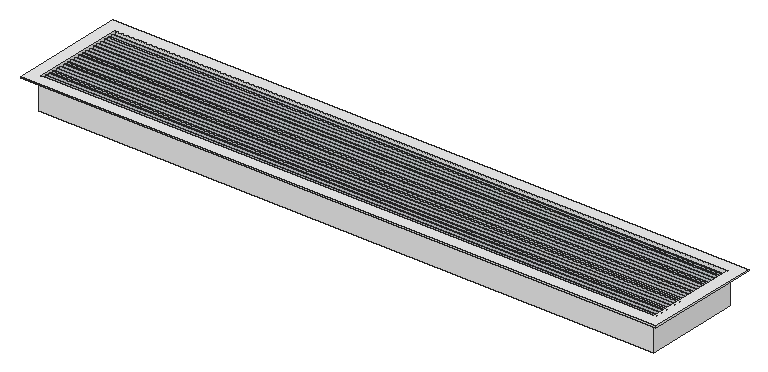
Revit family "DC_Holyoake_MEQ_LD-1200SD_13", category Air Terminals, host Face, Revit 2014
Parameters (values of type "LD-1200SD")
  Width LD [instance] = 150.0 mm
  URL = "http://www.holyoake.com"
  Type Comments = "Fineline Diffuser Series LD linear bar grilles"  # constant formula
  Static Pressure Min = 3.00 Pa
  Static Pressure Max = 57.00 Pa
  Noise Level NC Min = "<10 NC"
  Noise Level NC Max = "38 NC"
  Model = "LD-1200SD"  # constant formula
  Min Flow = 30 L/s  # constant formula
  Max Flow = 3000 L/s  # constant formula
  Material Face = Holyoake-Aluminium
  Material Body = Holyoake-Aluminium
  Manufacturer = "Holyoake"  # constant formula
  Length LD [instance] = 1000.0 mm
  Holyoake Product Range = "Holyoake Fineline Diffusers"  # constant formula
  Flow = 0 L/s
  Description = "Linear Bar Grille Registers with Vertical Rear Deflector Blades shall be Holyoake Model LD-1200-SD with Horizontal Front Linear Bars of 3.25mm Blades at 6.35mm centres set at 0 degree deflection together with one set of Black Anodised Vertical Airfoil Individually Adjustable Deflection Blades at rear.  Linear Bar Grille Registers shall be of extruded aluminium construction to the sizes as documented. Fine line linear blades shall be mechanically expanded into machine notched mullions spaced at no greater then 300mm centres. Diffusers shall be finished in powder coat and fitted with accessories and dampers where indicated as manufactured by Holyoake"  # constant formula
  Default Elevation = 0.0 mm
  Array Number [instance] = ((Width LD - 25.4 mm) / 6.4 mm) - 0.9  # 19
Reference planes
  plane 1 "Center (Front/Back)": y = 0
  plane 2: z = 0
  plane 3 "Center (Left/Right)": x = 0
  plane 4: x = -500
  plane 5: x = 500
  plane 6: y = 75
  plane 7: y = -75
Forms (mm)
  Sweep 1, solid, material "Holyoake-Aluminium" <- "Material Body"
    path origin (0, 0, 0) x (1, 0, 0) y (0, 1, 0)
      loop
        line (-500, 75) -> (-500, -75) -> (500, -75) -> (500, 75) -> (-500, 75)
    profile origin (0, 75, 0) x (0, 1, 0) y (0, 0, 1)
      loop
        line (2, 0) -> (19, 0) -> (19, 2) -> (0, 2) -> (0, -50) -> (2, -50) -> (2, 0)
  Extrusion 2, void
    sketch origin (0, 0, 0) x (1, 0, 0) y (0, 1, 0)
      loop
        line (-500, 75) -> (-500, -75) -> (500, -75) -> (500, 75) -> (-500, 75)
    from 0 to -1000
Cuts and joins
  Extrusion 2 cuts Sweep 1
Lines and regions (mm)
  reference lines
    curve 1: line (-590.798, 68.65, 0) -> (-485.798, 68.65, 0)
    curve 2: line (-590.798, -68.65, 0) -> (-490.798, -68.65, 0)
Dimensions and locks
  equal spacing: plane 6, plane 1 "Center (Front/Back)", plane 7
  "Width LD": plane 6 to plane 7
  "Length LD": plane 4 to plane 5
  equal spacing: plane 4, plane 3 "Center (Left/Right)", plane 5
  locked: plane 6 to curve 1 at 6.35
  locked: curve 2 to plane 7 at 6.35
  equal spacing: group 1, group 3, group 4, group 5, group 6, group 7, group 8, group 9, group 10, group 11, group 12, group 13, group 14, group 15, group 16, group 17, group 18, group 19, group 2  (x2)
  equal spacing: group 2, group 19, group 18, group 17, group 16, group 15, group 14, group 13, group 12, group 11, group 10, group 9, group 8, group 7, group 6, group 5, group 4, group 3, group 1
  aligned and locked: plane 2 to host face
  aligned and locked: level to host face
  aligned and locked: plane 4 to Sweep 1 sketch curve
  aligned and locked: Sweep 1 sketch curve to plane 6
  aligned and locked: plane 7 to Sweep 1 sketch curve
  aligned and locked: Sweep 1 sketch curve to plane 5
  aligned and locked: plane 4 to nested 1
  aligned and locked: plane 4 to Sweep 1
  aligned and locked: nested 1 to curve 1
  aligned and locked: Sweep 1 to level
  aligned and locked: curve 2 to nested 2
  aligned and locked: plane 4 to nested 2
  aligned and locked: Extrusion 2 sketch curve to Sweep 1  (x3)
  aligned and locked: Sweep 1 to Extrusion 2 sketch curve
Automatic sketch dimensions
  Sweep 1 sketch curve to level = 0.0 mm
  Sweep 1 sketch curve to profile plane = 0.0 mm
  Sweep 1 sketch curve to Sweep 1 sketch curve = 2.0 mm
  Sweep 1 sketch curve to Sweep 1 sketch curve = 17.0 mm
  Sweep 1 sketch curve to Sweep 1 sketch curve = 50.0 mm
  level to Sweep 1 sketch curve = 2.0 mm
  host sketch curve to host sketch curve = 1493.181 mm
  host sketch curve to host sketch curve = 751.989 mm
  curve 2 to plane 4 = 90.798 mm
  curve 1 to curve 2 = 0.0 mm
  plane 4 to curve 2 = 9.202 mm
  plane 4 to curve 1 = 14.202 mm
Nested families
  nested 1: "LD Blade" at (-500, 67.15, 0), Blade Length <- "Length LD", type "LD Blade"
    with Blade Length 1000.0 mm
  nested 2: "LD Blade" at (-500, -68.65, 0), Blade Length <- "Length LD", type "LD Blade"
    with Blade Length 1000.0 mm
  nested 3: "LD Blade" at (-500, 59.606, 0), Blade Length <- "Length LD", type "LD Blade"
    with Blade Length 1000.0 mm
  nested 4: "LD Blade" at (-500, 52.061, 0), Blade Length <- "Length LD", type "LD Blade"
    with Blade Length 1000.0 mm
  nested 5: "LD Blade" at (-500, 44.517, 0), Blade Length <- "Length LD", type "LD Blade"
    with Blade Length 1000.0 mm
  nested 6: "LD Blade" at (-500, 36.972, 0), Blade Length <- "Length LD", type "LD Blade"
    with Blade Length 1000.0 mm
  nested 7: "LD Blade" at (-500, 29.428, 0), Blade Length <- "Length LD", type "LD Blade"
    with Blade Length 1000.0 mm
  nested 8: "LD Blade" at (-500, 21.883, 0), Blade Length <- "Length LD", type "LD Blade"
    with Blade Length 1000.0 mm
  nested 9: "LD Blade" at (-500, 14.339, 0), Blade Length <- "Length LD", type "LD Blade"
    with Blade Length 1000.0 mm
  nested 10: "LD Blade" at (-500, 6.794, 0), Blade Length <- "Length LD", type "LD Blade"
    with Blade Length 1000.0 mm
  nested 11: "LD Blade" at (-500, -0.75, 0), Blade Length <- "Length LD", type "LD Blade"
    with Blade Length 1000.0 mm
  nested 12: "LD Blade" at (-500, -8.294, 0), Blade Length <- "Length LD", type "LD Blade"
    with Blade Length 1000.0 mm
  nested 13: "LD Blade" at (-500, -15.839, 0), Blade Length <- "Length LD", type "LD Blade"
    with Blade Length 1000.0 mm
  nested 14: "LD Blade" at (-500, -23.383, 0), Blade Length <- "Length LD", type "LD Blade"
    with Blade Length 1000.0 mm
  nested 15: "LD Blade" at (-500, -30.928, 0), Blade Length <- "Length LD", type "LD Blade"
    with Blade Length 1000.0 mm
  nested 16: "LD Blade" at (-500, -38.472, 0), Blade Length <- "Length LD", type "LD Blade"
    with Blade Length 1000.0 mm
  nested 17: "LD Blade" at (-500, -46.017, 0), Blade Length <- "Length LD", type "LD Blade"
    with Blade Length 1000.0 mm
  nested 18: "LD Blade" at (-500, -53.561, 0), Blade Length <- "Length LD", type "LD Blade"
    with Blade Length 1000.0 mm
  nested 19: "LD Blade" at (-500, -61.106, 0), Blade Length <- "Length LD", type "LD Blade"
    with Blade Length 1000.0 mm
Definition of nested family "LD Blade"
  Parameters (values of type "LD Blade")
    Blade Material = none
    Blade Length [instance] = 600.0 mm
    Assembly Code = ""
  Reference planes
    plane 1 "Center (Front/Back)": y = 0
    plane 2: z = 0
    plane 3 "Center (Left/Right)": x = 0
    plane 4: x = 600
  Forms (mm)
    Extrusion 1, solid
      sketch origin (0, -1.042, 0) x (1, 0, 0) y (0, 1, 0)
        loop
          line (0, 1.042) -> (600, 1.042) -> (600, 2.542) -> (0, 2.542) -> (0, 1.042)
      from 0 to -20
  Dimensions and locks
    Extrusion 1 sketch curve to Extrusion 1 sketch curve = 1.5 mm
    "Blade Length": plane 3 "Center (Left/Right)" to plane 4
    locked: plane 1 "Center (Front/Back)" to Extrusion 1 at 1.5
    aligned and locked: plane 1 "Center (Front/Back)" to Extrusion 1
    aligned and locked: Extrusion 1 to plane 3 "Center (Left/Right)"
    aligned and locked: plane 4 to Extrusion 1
  Automatic sketch dimensions
    Extrusion 1 sketch curve to plane 1 "Center (Front/Back)" = 1.5 mm
    Extrusion 1 sketch curve to plane 3 "Center (Left/Right)" = 0.0 mm
    plane 4 to Extrusion 1 sketch curve = 0.0 mm
